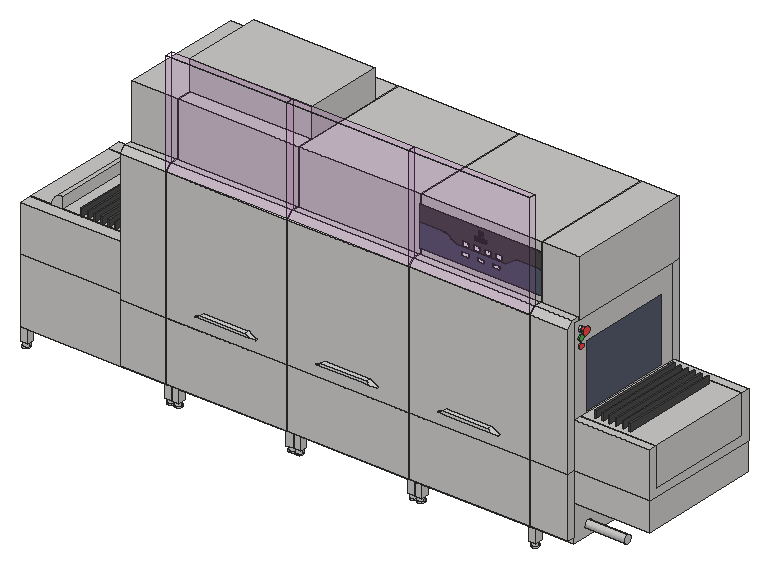
Revit family "QF_ELECTROLUXPROFESSIONAL_520703_EFTD052EL1U1D1M5L385", category Attrezzature speciali, Revit 2020
Family settings
  Quota connettore circolare = Usa diametro
  Tipo di parte = Normale
  Basato su piano di lavoro = No
  Sempre verticale = Sì
  Taglio con vuoti quando caricato = No
  Condiviso = No
  Punto di calcolo locali = No
Parameters (values of type "Standard")
  Weight = 865.00 kg
  Watts = 46500 W
  Volts = 380 V
  URL Manufacturer = "https://www.electroluxprofessional.com/"
  URL = "https://www.electroluxprofessional.com/"
  Steam Supply Size = 0 mm
  Steam Supply Minimum Pressure = 0.0 Pa
  Steam Supply Maximum Pressure = 0.0 Pa
  Steam Consumption per Hour = 0
  Show Logo [instance] = yes
  Show Clearance [instance] = yes
  Refrigeration Suction Line Size = 0 mm
  Refrigeration Liquid Line Size = 0 mm
  Refrigerant Compressor Remote = yes
  Prospetto di default = 0 mm
  Produttore = "Electrolux Professional"
  Phase = 3
  Modello = "EFTD052EL1U1D1M5L385"
  Length Actual = 4150 mm  # constant formula
  Item Number = "520703"
  Hot Water Size = 0 mm
  Height Actual = 1983 mm  # constant formula
  HP = "62.4 HP"
  Gas Size = 0 mm
  Gas KW = 0
  Gas Input Pressure = 0 W
  Direct Waste Size = 50.8 mm
  Descrizione = "FT, 1Tank, 5200D/H, El., 750mm loading, 1000mm unloading, 1Dryer, 55mm conveyor,L>R,380V50Hz3P"
  Depth Actual = 946 mm  # constant formula
  Cycle = 50 Hz
  Condensate Return Size = 0 mm
  Compressed Air Volume = 0.0 L/s
  Compressed Air Size = 0 mm
  Compressed Air Pressure = 0.0 Pa
  Cold Water Size = 0 mm
  Accessory = yes
Reference planes
  plane 1 "Centro (Fronte/Retro)": y = 0
  plane 2: z = 0
  plane 3 "Centro (Sinistra/Destra)": x = 0
  plane 4: z = 115
Forms (mm)
  Extrusion 1, solid, material "QF_Finishes_Stainless Steel"
    sketch origin (2282.404, 2, 1806.023) x (1, 0, 0) y (0, 0, 1)
      loop
        line (407.596, -163.023) -> (407.596, -183.023) -> (427.596, -183.023) -> (427.596, -163.023) -> (407.596, -163.023)
    from 0 to 2
  Extrusion 2, solid, material "QF_Finishes_Stainless Steel"
    sketch origin (-5.617, 22.464, 1290.159) x (0, 0, -1) y (0, 1, 0)
      loop
        circle (1102.159, -772.464) r 25
    from -9.383 to 5.617
  Extrusion 3, solid, material "QF_Finishes_Stainless Steel"
    sketch origin (2942.404, 2, 337.984) x (1, 0, 0) y (0, 0, 1)
      loop
        line (407.596, -163.023) -> (407.596, -183.023) -> (427.596, -183.023) -> (427.596, -163.023) -> (407.596, -163.023)
    from 0 to 2
  Extrusion 4, solid, material "QF_Finishes_Stainless Steel"
    sketch origin (347.841, 200.464, 109.383) x (1, 0, 0) y (0, 1, 0)
      loop
        circle (1102.159, -772.464) r 10
    from -9.383 to 5.617
  Extrusion 5, solid, material "QF_Finishes_Stainless Steel"
    sketch origin (418.841, 200.464, 109.383) x (1, 0, 0) y (0, 1, 0)
      loop
        circle (1102.159, -772.464) r 10
    from -9.383 to 5.617
  Extrusion 6, solid, material "QF_Finishes_Stainless Steel"
    sketch origin (3905.617, -1522.464, 1290.159) x (0, 0, -1) y (0, -1, 0)
      loop
        circle (1102.159, -772.464) r 25
    from -9.383 to 255.617
Dimensions and locks
  plane 4 to level = 115 mm
  aligned and locked: level to plane 2
Nested families
  nested 1: "MODULO_CENTER_800_FAN" at (1383.563, -388.258, 0), Show Clearance <- "Show Clearance", type "MODULO_CENTER_800_FAN"
    with Show Logo yes, Show Clearance yes, R_L no, L_R yes
  nested 2: "MODULO_CENTER_800" at (2983.563, -388.258, 0), Show Clearance <- "Show Clearance", type "MODULO_CENTER_800"
    with Show Logo yes, Show Clearance yes, R_L no, L_R yes
  nested 3: "MODULO_ENTRY_DISH_750" at (3791.437, -523.742, 0) x (-1, 0, 0) z (0, 0, 1), type "MODULO_ENTRY_DISH_750"
    with Show Logo yes, Show Clearance yes, R_L yes, L_R no
  nested 4: "MODULO_USCITA_DISH_1000" at (641.437, -523.742, 0) x (-1, 0, 0) z (0, 0, 1), type "MODULO_USCITA_DISH_1000"
    with Show Logo yes, Show Clearance yes, R_L no, L_R yes
  nested 5: "Piedino_Square_115H" at (23.5, -838.5, 0), type "Piedino_Square_115H"
  nested 6: "Piedino_Square_115H" at (23.5, -73.5, 0), type "Piedino_Square_115H"
  nested 7: "Piedino_Square_115H" at (976.5, -838.5, 0), type "Piedino_Square_115H"
  nested 8: "Piedino_Square_115H" at (976.5, -73.5, 0), type "Piedino_Square_115H"
  nested 9: "Piedino_Square_115H" at (1023.5, -838.5, 0), type "Piedino_Square_115H"
  nested 10: "Piedino_Square_115H" at (1023.5, -73.5, 0), type "Piedino_Square_115H"
  nested 11: "Piedino_Square_115H" at (1776.5, -838.5, 0), type "Piedino_Square_115H"
  nested 12: "Piedino_Square_115H" at (1776.5, -73.5, 0), type "Piedino_Square_115H"
  nested 13: "Piedino_Square_115H" at (1823.5, -838.5, 0) x (-1, 0, 0) z (0, 0, 1), type "Piedino_Square_115H"
  nested 14: "Piedino_Square_115H" at (1823.5, -73.5, 0) x (-1, 0, 0) z (0, 0, 1), type "Piedino_Square_115H"
  nested 15: "Piedino_Square_115H" at (2576.5, -838.5, 0) x (-1, 0, 0) z (0, 0, 1), type "Piedino_Square_115H"
  nested 16: "Piedino_Square_115H" at (2576.5, -73.5, 0) x (-1, 0, 0) z (0, 0, 1), type "Piedino_Square_115H"
  nested 17: "Piedino_Square_115H" at (2623.5, -838.5, 0), type "Piedino_Square_115H"
  nested 18: "Piedino_Square_115H" at (2623.5, -73.5, 0), type "Piedino_Square_115H"
  nested 19: "Piedino_Square_115H" at (3376.5, -838.5, 0), type "Piedino_Square_115H"
  nested 20: "Piedino_Square_115H" at (3376.5, -73.5, 0), type "Piedino_Square_115H"
  nested 21: "MANIGLIA_FLIGHT_400" at (3000, -912, 639.28) x (1, 0, 0) z (0, -1, 0), type "MANIGLIA_FLIGHT_400"
  nested 22: "MANIGLIA_FLIGHT_400" at (2200, -912, 639.28) x (1, 0, 0) z (0, -1, 0), type "MANIGLIA_FLIGHT_400"
  nested 23: "MANIGLIA_FLIGHT_400" at (1400, -912, 639.28) x (1, 0, 0) z (0, -1, 0), type "MANIGLIA_FLIGHT_400"
  nested 24: "Schermo_Flight_800" at (3000, -815, 1583) x (1, 0, 0) z (0, -1, 0), type "Schermo_Flight_800"
  nested 25: "ELX_LOGO_WORDS_WHITE" at (3000, -816.6, 1663) x (1, 0, 0) z (0, -1, 0), Show Logo <- "Show Logo", visible <- "Show Logo", type "ELX_LOGO_WORDS_WHITE"
    with Show Logo yes
  nested 26: "ELX_LOGO_MONO_SMALL_WHITE" at (2990.08, -816.6, 1649) x (-1, 0, 0) z (0, -1, 0), Show Logo <- "Show Logo", visible <- "Show Logo", type "ELX_LOGO_MONO_SMALL_WHITE"
    with Show Logo yes
  nested 27: "MODULO_CENTER_800" at (2216.437, -388.258, 0) x (-1, 0, 0) z (0, 0, 1), Show Clearance <- "Show Clearance", type "MODULO_CENTER_800"
    with Show Logo yes, Show Clearance yes, R_L no, L_R yes
Connectors
  electrical at (2700, 2, 1633)
    settings: on Extrusion 1, index 69, voltage 0 V, apparent load 0 VA, apparent load phase1 0 VA, apparent load phase2 0 VA, apparent load phase3 0 VA, power factor 1, load classification "Altro", number of poles 1, system type 30, power factor state 1, is connector primary yes, connector utility no, sub classification motor no, connector description "EI"
  piping at (-15, -750, 188), diameter 50
    settings: on Extrusion 2, index 70, connector inside diameter 609.6 mm, connector length 0 mm, flow factor 0, pipe flow 0.0 L/s, pressure drop 0.0 Pa, fitting loss kfactor 0, connector angle 0.00°, fixture units 0, engagement length 0 mm, angle of deflection 0.00°, flow configuration 0, flow direction 0, fitting loss method 0, system type 29, joint type 0, gender type 0, connector reference index -1, connector utility 0, adjustable connector no, is connector primary yes, connector description "D"
  electrical at (3360, 2, 164.961)
    settings: on Extrusion 3, index 71, voltage 0 V, apparent load 0 VA, apparent load phase1 0 VA, apparent load phase2 0 VA, apparent load phase3 0 VA, power factor 1, load classification "Altro", number of poles 1, system type 30, power factor state 1, is connector primary no, connector utility no, sub classification motor no, connector description "EQ"
  piping at (1450, -572, 100), diameter 19.1
    settings: on Extrusion 4, index 72, connector inside diameter 609.6 mm, connector length 0 mm, flow factor 0, pipe flow 0.0 L/s, pressure drop 0.0 Pa, fitting loss kfactor 0, connector angle 0.00°, fixture units 0, engagement length 0 mm, angle of deflection 0.00°, flow configuration 0, flow direction 0, fitting loss method 0, system type 29, joint type 0, gender type 0, connector reference index -1, connector utility 0, adjustable connector no, is connector primary no, connector description "HWI/CWI"
  piping at (1521, -572, 100), diameter 19.1
    settings: on Extrusion 5, index 73, connector inside diameter 609.6 mm, connector length 0 mm, flow factor 0, pipe flow 0.0 L/s, pressure drop 0.0 Pa, fitting loss kfactor 0, connector angle 0.00°, fixture units 0, engagement length 0 mm, angle of deflection 0.00°, flow configuration 0, flow direction 0, fitting loss method 0, system type 29, joint type 0, gender type 0, connector reference index -1, connector utility 0, adjustable connector no, is connector primary no, connector description "HWI/CWI"
  piping at (3915, -750, 188), diameter 50
    settings: on Extrusion 6, index 74, connector inside diameter 609.6 mm, connector length 0 mm, flow factor 0, pipe flow 0.0 L/s, pressure drop 0.0 Pa, fitting loss kfactor 0, connector angle 0.00°, fixture units 0, engagement length 0 mm, angle of deflection 0.00°, flow configuration 0, flow direction 0, fitting loss method 0, system type 29, joint type 0, gender type 0, connector reference index -1, connector utility 0, adjustable connector no, is connector primary no, connector description ""
Definition of nested family "MODULO_CENTER_800_FAN"
  Parameters (values of type "MODULO_CENTER_800_FAN")
    URL = "http://professional.electrolux.com"
    Show Logo [instance] = yes
    R_L [instance] = not(L_R)  # no
    Default Elevation = 0 mm
    Manufacturer = "Electrolux"
    Model = "ESR10E5"
    Length Actual = 800 mm
    Show Clearance [instance] = yes
    L_R [instance] = yes
    Height Actual = 1792 mm
    Description = "SINGLE RINSE RT, 100R/H, ELECTRIC 50HZ"
    Depth Actual = 912 mm
  Reference planes
    plane 1 "Center X": y = -67.742
    plane 2: z = 0
    plane 3 "LEFT": x = -383.563
    plane 4 "RIGHT": x = 416.437
    plane 5 "BACK": y = 388.258
    plane 6 "FEET": z = 115
    plane 7: z = 2092
    plane 8 "TOP": z = 1792
    plane 9 "FRONT": y = -523.742
    plane 10 "Left/Right": x = 16.437
    plane 11 "TopVent": z = 1983
  Forms (mm)
    Extrusion 1, solid
      sketch origin (416.437, 479.936, 4000) x (0, 1, 0) y (0, 0, 1)
        loop
          line (-91.678, -2208) -> (-906.678, -2208) -> (-906.678, -2580) -> (-91.678, -2580) -> (-91.678, -2208)
      from -800 to 0
    Extrusion 2, solid
      sketch origin (-383.563, 437.565, 3910) x (0, 1, 0) y (0, 0, 1)
        loop
          line (-99.307, -2490) -> (-911.307, -2490) -> (-911.307, -3552) -> (-99.307, -3552) -> (-99.307, -2490)
      from 800 to 0
    Extrusion 3, solid
      sketch origin (416.437, 479.936, 4299) x (0, 1, 0) y (0, 0, 1)
        loop
          line (-278.21, -2316) -> (-803.678, -2316) -> (-803.678, -2507) -> (-278.21, -2507) -> (-278.21, -2316)
      from -800 to 0
    Extrusion 4, solid
      sketch origin (16.437, 0, 1.5) x (0, 0, 1) y (0, -1, 0)
        loop
          line (356.5, -338.258) -> (356.5, 473.742) -> (113.5, 473.742) -> (113.5, -338.258) -> (356.5, -338.258)
      from 400 to -400
    Extrusion 5, solid
      sketch origin (16.437, 0, 0) x (0, 0, 1) y (0, -1, 0)
        loop
          line (1420, -338.258) -> (545, -338.258) -> (545, -388.258) -> (1420, -388.258) -> (1420, -338.258)
      from -400 to 400
    Extrusion 6, solid
      sketch origin (16.437, 0, 0) x (0, 0, 1) y (0, -1, 0)
        loop
          line (545, -388.258) -> (545, -338.258) -> (154, -338.258) -> (154, -388.258) -> (545, -388.258)
      from -400 to 400
    Extrusion 7, solid
      sketch origin (16.437, -882.484, -150) x (0, -1, 0) y (0, 0, 1)
        loop
          line (-358.742, 304) -> (-358.742, 695) -> (-408.742, 695) -> (-408.742, 304) -> (-358.742, 304)
      from -400 to 400
    Extrusion 8, solid
      sketch origin (16.437, -882.484, -151) x (0, -1, 0) y (0, 0, 1)
        loop
          line (-408.742, 1571) -> (-408.742, 696) -> (-358.742, 696) -> (-358.742, 1556) -> (-395.742, 1593) -> (-443.742, 1593) -> (-443.742, 1571) -> (-408.742, 1571)
      from -400 to 400
    Extrusion 9, solid, visible <- "Show Clearance"
      sketch origin (16.437, -882.484, 452) x (0, -1, 0) y (0, 0, 1)
        loop
          line (-408.742, 1640) -> (-408.742, 953.624) -> (-358.742, 953.624) -> (-358.742, 1640) -> (-408.742, 1640)
      from -400 to 400
  Dimensions and locks
    plane 3 "LEFT" to plane 4 "RIGHT" = 800 mm
    plane 5 "BACK" to plane 1 "Center X" to plane 9 "FRONT" = 456 mm, 456 mm
    plane 6 "FEET" to level = 115 mm  (x2)
    plane 6 "FEET" to plane 8 "TOP" = 1677 mm
    plane 5 "BACK" to plane 9 "FRONT" = 912 mm  (x2)
    plane 4 "RIGHT" to plane 3 "LEFT" = 800 mm
    plane 9 "FRONT" to plane 5 "BACK" = 912 mm
    level to plane 8 "TOP" = 1792 mm  (x2)
    plane 7 to level = 2092 mm
    plane 11 "TopVent" to plane 2 = 1983 mm
    plane 7 to plane 2 = 2092 mm
    Extrusion 2 to level = 1420 mm
    Extrusion 8 to level = 1442 mm
    plane 11 "TopVent" to level = 1983 mm
    aligned and locked: level to plane 2
Definition of nested family "MODULO_CENTER_800"
  Parameters (values of type "MODULO_CENTER_800")
    URL = "http://professional.electrolux.com"
    Show Logo [instance] = yes
    R_L [instance] = not(L_R)  # no
    Default Elevation = 0 mm
    Manufacturer = "Electrolux"
    Model = "ESR10E5"
    Length Actual = 800 mm
    Show Clearance [instance] = yes
    L_R [instance] = yes
    Height Actual = 1792 mm
    Description = "SINGLE RINSE RT, 100R/H, ELECTRIC 50HZ"
    Depth Actual = 912 mm
  Reference planes
    plane 1 "Center X": y = -67.742
    plane 2: z = 0
    plane 3 "LEFT": x = -383.563
    plane 4 "RIGHT": x = 416.437
    plane 5 "BACK": y = 388.258
    plane 6 "FEET": z = 115
    plane 7: z = 2092
    plane 8 "TOP": z = 1792
    plane 9 "FRONT": y = -523.742
    plane 10 "Left/Right": x = 16.437
  Forms (mm)
    Extrusion 1, solid
      sketch origin (416.437, 479.936, 4000) x (0, 1, 0) y (0, 0, 1)
        loop
          line (-91.678, -2208) -> (-906.678, -2208) -> (-906.678, -2580) -> (-91.678, -2580) -> (-91.678, -2208)
      from -800 to 0
    Extrusion 2, solid
      sketch origin (-383.563, 437.565, 3915) x (0, 1, 0) y (0, 0, 1)
        loop
          line (-99.307, -2495) -> (-911.307, -2495) -> (-911.307, -3557) -> (-99.307, -3557) -> (-99.307, -2495)
      from 800 to 0
    Extrusion 3, solid
      sketch origin (16.437, 0, 1.5) x (0, 0, 1) y (0, -1, 0)
        loop
          line (356.5, -338.258) -> (356.5, 473.742) -> (113.5, 473.742) -> (113.5, -338.258) -> (356.5, -338.258)
      from 400 to -400
    Extrusion 4, solid
      sketch origin (16.437, 0, 0) x (0, 0, 1) y (0, -1, 0)
        loop
          line (1420, -338.258) -> (545, -338.258) -> (545, -388.258) -> (1420, -388.258) -> (1420, -338.258)
      from -400 to 400
    Extrusion 5, solid
      sketch origin (16.437, 0, 0) x (0, 0, 1) y (0, -1, 0)
        loop
          line (545, -388.258) -> (545, -338.258) -> (154, -338.258) -> (154, -388.258) -> (545, -388.258)
      from -400 to 400
    Extrusion 6, solid
      sketch origin (16.437, -882.484, -150) x (0, -1, 0) y (0, 0, 1)
        loop
          line (-358.742, 304) -> (-358.742, 695) -> (-408.742, 695) -> (-408.742, 304) -> (-358.742, 304)
      from -400 to 400
    Extrusion 7, solid
      sketch origin (16.437, -882.484, -151) x (0, -1, 0) y (0, 0, 1)
        loop
          line (-408.742, 1571) -> (-408.742, 696) -> (-358.742, 696) -> (-358.742, 1556) -> (-395.742, 1593) -> (-443.742, 1593) -> (-443.742, 1571) -> (-408.742, 1571)
      from -400 to 400
    Extrusion 8, solid, visible <- "Show Clearance"
      sketch origin (16.437, -882.484, 452) x (0, -1, 0) y (0, 0, 1)
        loop
          line (-408.742, 1640) -> (-408.742, 953.624) -> (-358.742, 953.624) -> (-358.742, 1640) -> (-408.742, 1640)
      from -400 to 400
  Dimensions and locks
    plane 3 "LEFT" to plane 4 "RIGHT" = 800 mm
    plane 5 "BACK" to plane 1 "Center X" to plane 9 "FRONT" = 456 mm, 456 mm
    plane 6 "FEET" to level = 115 mm  (x2)
    plane 6 "FEET" to plane 8 "TOP" = 1677 mm
    plane 5 "BACK" to plane 9 "FRONT" = 912 mm  (x2)
    plane 4 "RIGHT" to plane 3 "LEFT" = 800 mm
    plane 9 "FRONT" to plane 5 "BACK" = 912 mm
    level to plane 8 "TOP" = 1792 mm  (x2)
    plane 7 to level = 2092 mm
    plane 7 to plane 2 = 2092 mm
    Extrusion 2 to level = 1420 mm
    Extrusion 7 to level = 1442 mm
    aligned and locked: level to plane 2
Definition of nested family "MODULO_ENTRY_DISH_750"
  Parameters (values of type "MODULO_ENTRY_DISH_750")
    URL = "http://professional.electrolux.com"
    Show Logo [instance] = yes
    R_L [instance] = not(L_R)  # no
    Default Elevation = 0 mm
    Manufacturer = "Electrolux"
    Model = "ESR10E5"
    Length Actual = 800 mm
    Show Clearance [instance] = yes
    L_R [instance] = yes
    Height Actual = 1792 mm
    Description = "SINGLE RINSE RT, 100R/H, ELECTRIC 50HZ"
    Depth Actual = 912 mm
  Reference planes
    plane 1 "Center (Front/Back)": y = -67.742
    plane 2: z = 0
    plane 3 "LEFT": x = -358.563
    plane 4 "RIGHT": x = 391.437
    plane 5 "BACK": y = 388.258
    plane 6 "FRONT": y = -523.742
    plane 7 "Left/Right": x = 16.437
    plane 8 "BUTTONS": y = -427.742
    plane 9: z = 115
    plane 10 "2": y = 292.258
  Forms (mm)
    Extrusion 1, solid, visible <- "L_R"
      sketch origin (391.437, 479.936, 4000) x (0, 1, 0) y (0, 0, 1)
        loop
          line (-91.678, -2208) -> (-906.678, -2208) -> (-906.678, -2580) -> (-91.678, -2580) -> (-91.678, -2208)
      from -250 to 0
    Extrusion 2, solid
      sketch origin (-358.563, 437.565, 3910) x (0, 1, 0) y (0, 0, 1)
        loop
          line (-99.307, -2490) -> (-911.307, -2490) -> (-911.307, -3552) -> (-99.307, -3552) -> (-99.307, -2490)
      from 750 to 500
    Extrusion 3, solid
      sketch origin (-358.563, 437.565, 3910) x (0, 1, 0) y (0, 0, 1)
        loop
          line (-99.307, -3365) -> (-99.307, -3060) -> (-149.307, -3060) -> (-149.307, -3315) -> (-861.307, -3315) -> (-861.307, -3060) -> (-911.307, -3060) -> (-911.307, -3365) -> (-99.307, -3365)
      from 500 to 0
    Extrusion 4, solid
      sketch origin (16.437, 0, -4.987) x (0, 0, 1) y (0, -1, 0)
        loop
          line (362.987, -338.258) -> (362.987, 473.742) -> (119.987, 473.742) -> (119.987, -338.258) -> (362.987, -338.258)
      from 375 to 125
    Extrusion 5, solid, visible <- "L_R"
      sketch origin (16.437, 0, 0) x (0, 0, 1) y (0, -1, 0)
        loop
          line (1420, -338.258) -> (545, -338.258) -> (545, -388.258) -> (1420, -388.258) -> (1420, -338.258)
      from 125 to 375
    Extrusion 6, solid
      sketch origin (16.437, 0, 0) x (0, 0, 1) y (0, -1, 0)
        loop
          line (545, -388.258) -> (545, -338.258) -> (154, -338.258) -> (154, -388.258) -> (545, -388.258)
      from 125 to 375
    Extrusion 7, solid
      sketch origin (-358.563, 437.565, 3607.258) x (0, 1, 0) y (0, 0, 1)
        loop
          line (-99.307, -3249.258) -> (-99.307, -3062.258) -> (-911.307, -3062.258) -> (-911.307, -3249.258) -> (-99.307, -3249.258)
      from 500 to 0
    Extrusion 8, solid
      sketch origin (-358.563, 437.565, 4000) x (0, 1, 0) y (0, 0, 1)
        loop
          line (-149.307, -3150) -> (-861.307, -3150) -> (-861.307, -3405) -> (-149.307, -3405) -> (-149.307, -3150)
      from 0 to 500
    Extrusion 9, solid
      sketch origin (266.437, -882.484, -150) x (0, -1, 0) y (0, 0, 1)
        loop
          line (-358.742, 304) -> (-358.742, 695) -> (-408.742, 695) -> (-408.742, 304) -> (-358.742, 304)
      from -125 to 125
    Extrusion 10, solid, visible <- "L_R"
      sketch origin (266.437, -882.484, -151) x (0, -1, 0) y (0, 0, 1)
        loop
          line (-408.742, 1571) -> (-408.742, 696) -> (-358.742, 696) -> (-358.742, 1556) -> (-395.742, 1593) -> (-443.742, 1593) -> (-443.742, 1571) -> (-408.742, 1571)
      from -125 to 125
    Extrusion 11, solid
      sketch origin (-358.563, 437.565, 4000) x (0, 1, 0) y (0, 0, 1)
        loop
          line (-199.307, -2725.701) -> (-811.307, -2725.701) -> (-811.307, -3137.701) -> (-199.307, -3137.701) -> (-199.307, -2725.701)
      from 495.458 to 500
    Extrusion 12, solid, visible <- "R_L"
      sketch origin (266.437, 747, -151) x (0, 1, 0) y (0, 0, -1)
        loop
          line (-408.742, -1571) -> (-443.742, -1571) -> (-443.742, -1593) -> (-395.742, -1593) -> (-358.742, -1556) -> (-358.742, -696) -> (-408.742, -696) -> (-408.742, -1571)
      from -125 to 125
    Extrusion 13, solid, visible <- "R_L"
      sketch origin (16.437, -135.484, 0) x (0, 0, 1) y (0, -1, 0)
        loop
          line (1420, 338.258) -> (1420, 388.258) -> (545, 388.258) -> (545, 338.258) -> (1420, 338.258)
      from 125 to 375
    Extrusion 14, solid, visible <- "R_L"
      sketch origin (391.437, -615.42, 4000) x (0, -1, 0) y (0, 0, -1)
        loop
          line (-91.678, 2208) -> (-91.678, 2580) -> (-906.678, 2580) -> (-906.678, 2208) -> (-91.678, 2208)
      from -250 to 0
    Extrusion 15, solid
      sketch origin (-191.477, -192.742, -3) x (-1, 0, 0) y (0, 0, 1)
        loop
          line (-26.676, 853) -> (-26.676, 898) -> (-36.676, 898) -> (-36.676, 853) -> (-26.676, 853)
      from -196 to 446
    Extrusion 16, solid
      sketch origin (-146.477, -192.742, -3) x (-1, 0, 0) y (0, 0, 1)
        loop
          line (-26.676, 853) -> (-26.676, 898) -> (-36.676, 898) -> (-36.676, 853) -> (-26.676, 853)
      from -196 to 446
    Extrusion 17, solid
      sketch origin (-101.477, -192.742, -3) x (-1, 0, 0) y (0, 0, 1)
        loop
          line (-26.676, 853) -> (-26.676, 898) -> (-36.676, 898) -> (-36.676, 853) -> (-26.676, 853)
      from -196 to 446
    Extrusion 18, solid
      sketch origin (-56.477, -192.742, -3) x (-1, 0, 0) y (0, 0, 1)
        loop
          line (-26.676, 853) -> (-26.676, 898) -> (-36.676, 898) -> (-36.676, 853) -> (-26.676, 853)
      from -196 to 446
    Extrusion 19, solid
      sketch origin (-11.477, -192.742, -3) x (-1, 0, 0) y (0, 0, 1)
        loop
          line (-26.676, 853) -> (-26.676, 898) -> (-36.676, 898) -> (-36.676, 853) -> (-26.676, 853)
      from -196 to 446
    Extrusion 20, solid
      sketch origin (33.523, -192.742, -3) x (-1, 0, 0) y (0, 0, 1)
        loop
          line (-26.676, 853) -> (-26.676, 898) -> (-36.676, 898) -> (-36.676, 853) -> (-26.676, 853)
      from -196 to 446
  Dimensions and locks
    plane 3 "LEFT" to plane 4 "RIGHT" = 750 mm
    plane 5 "BACK" to plane 1 "Center (Front/Back)" to plane 6 "FRONT" = 456 mm, 456 mm
    plane 5 "BACK" to plane 6 "FRONT" = 912 mm  (x2)
    plane 4 "RIGHT" to plane 3 "LEFT" = 750 mm  (x2)
    plane 6 "FRONT" to plane 5 "BACK" = 912 mm
    plane 9 to level = 115 mm
    Extrusion 1 to level = 1792 mm
    Extrusion 3 to level = 850 mm
    aligned and locked: level to plane 2
  Nested families
    nested 1: "BOTTONE_RED_STOP" at (141.437, -427.742, 1266.906) x (0, -1, 0) z (-1, 0, 0), visible <- "L_R", type "BOTTONE_RED_STOP"
    nested 2: "BOTTONE_EMERGENCY_STOP" at (141.437, -427.742, 1370) x (0, -1, 0) z (-1, 0, 0), visible <- "L_R", type "BOTTONE_EMERGENCY_STOP"
    nested 3: "BOTTONE_GREEN_START" at (141.437, -427.742, 1316.906) x (0, -1, 0) z (-1, 0, 0), visible <- "L_R", type "BOTTONE_GREEN_START"
    nested 4: "BOTTONE_RED_STOP" at (141.437, 292.258, 1267.906) x (0, 1, 0) z (-1, 0, 0), visible <- "R_L", type "BOTTONE_RED_STOP"
    nested 5: "BOTTONE_EMERGENCY_STOP" at (141.437, 292.258, 1371) x (0, 1, 0) z (-1, 0, 0), visible <- "R_L", type "BOTTONE_EMERGENCY_STOP"
    nested 6: "BOTTONE_GREEN_START" at (141.437, 292.258, 1317.906) x (0, 1, 0) z (-1, 0, 0), visible <- "R_L", type "BOTTONE_GREEN_START"
  Definition of nested family "BOTTONE_RED_STOP"
    Parameters (values of type "BOTTONE_RED_STOP")
      Default Elevation = 1219.2 mm
    Reference planes
      plane 1 "Centro (Fronte/Retro)": y = 0
      plane 2: z = 0
      plane 3 "Centro (Sinistra/Destra)": x = 0
    Forms (mm)
      Extrusion 1, solid
        sketch origin (0, 0, 0) x (1, 0, 0) y (0, 1, 0)
          loop
            line (-1219.2, 1219.2) -> (-1219.2, -1219.2) -> (1219.2, -1219.2) -> (1219.2, 1219.2) -> (-1219.2, 1219.2)
        from 0 to -304.8
      Extrusion 2, solid
        sketch origin (-367.513, 69.533, 15) x (-1, 0, 0) y (0, 1, 0)
          loop
            circle (-367.513, -69.533) r 15
        from 0 to 15
    Dimensions and locks
      aligned and locked: plane 2 to Extrusion 1
      aligned and locked: level to Extrusion 1
  Definition of nested family "BOTTONE_EMERGENCY_STOP"
    Parameters
      Default Elevation = 1219.2 mm
    Reference planes
      plane 1 "Centro (Fronte/Retro)": y = 0
      plane 2: z = 0
      plane 3 "Centro (Sinistra/Destra)": x = 0
    Forms (mm)
      Extrusion 1, solid
        sketch origin (0, 0, 0) x (1, 0, 0) y (0, 1, 0)
          loop
            line (-1219.2, 1219.2) -> (-1219.2, -1219.2) -> (1219.2, -1219.2) -> (1219.2, 1219.2) -> (-1219.2, 1219.2)
        from 0 to -304.8
      Extrusion 2, solid
        sketch origin (0, 0, 0) x (1, 0, 0) y (0, 1, 0)
          loop
            circle (0, 0) r 15
        from 0 to 20.273
      Blend 3, solid
        base sketch origin (-49.801, 0, 0) x (1, 0, 0) y (0, 1, 0)
          loop
            circle (49.801, 0) r 15
        top sketch origin (-49.801, 0, 0) x (1, 0, 0) y (0, 1, 0)
          loop
            circle (49.801, 0) r 25
        from 20.273 to 47.605
    Dimensions and locks
      aligned and locked: plane 2 to Extrusion 1
      aligned and locked: level to Extrusion 1
  Definition of nested family "BOTTONE_GREEN_START"
    Parameters (values of type "BOTTONE_GREEN_START")
      Default Elevation = 1219.2 mm
    Reference planes
      plane 1 "Centro (Fronte/Retro)": y = 0
      plane 2: z = 0
      plane 3 "Centro (Sinistra/Destra)": x = 0
    Forms (mm)
      Extrusion 1, solid
        sketch origin (0, 0, 0) x (1, 0, 0) y (0, 1, 0)
          loop
            line (-1219.2, 1219.2) -> (-1219.2, -1219.2) -> (1219.2, -1219.2) -> (1219.2, 1219.2) -> (-1219.2, 1219.2)
        from 0 to -304.8
      Extrusion 2, solid
        sketch origin (-367.513, 69.533, 15) x (-1, 0, 0) y (0, 1, 0)
          loop
            circle (-367.513, -69.533) r 15
        from 0 to 15
    Dimensions and locks
      aligned and locked: plane 2 to Extrusion 1
      aligned and locked: level to Extrusion 1
Definition of nested family "MODULO_USCITA_DISH_1000"
  Parameters (values of type "MODULO_USCITA_DISH_1000")
    URL = "http://professional.electrolux.com"
    Show Logo [instance] = yes
    R_L [instance] = not(L_R)  # yes
    Default Elevation = 0 mm
    Manufacturer = "Electrolux"
    Model = "ESR10E5"
    Length Actual = 800 mm
    Show Clearance [instance] = yes
    L_R [instance] = no
    Height Actual = 1792 mm
    Description = "SINGLE RINSE RT, 100R/H, ELECTRIC 50HZ"
    Depth Actual = 912 mm
  Reference planes
    plane 1 "Center (Front/Back)": y = -67.742
    plane 2: z = 0
    plane 3 "LEFT": x = -358.563
    plane 4 "BACK": y = 388.258
    plane 5 "FEET": z = 115
    plane 6 "TOP": z = 1792
    plane 7 "FRONT": y = -523.742
    plane 8 "Left/Right": x = 16.437
    plane 9: x = -358.563
    plane 10: y = -427.742
    plane 11 "RIGHT": x = 641.437
  Forms (mm)
    Extrusion 1, solid, visible <- "R_L"
      sketch origin (-358.563, 479.936, 4003) x (0, 1, 0) y (0, 0, -1)
        loop
          line (-91.678, 2211) -> (-91.678, 2583) -> (-906.678, 2583) -> (-906.678, 2211) -> (-91.678, 2211)
      from -300 to 0
    Extrusion 2, solid
      sketch origin (-358.563, 437.565, 4003) x (0, 1, 0) y (0, 0, 1)
        loop
          line (-99.307, -3458) -> (-911.307, -3458) -> (-911.307, -3888) -> (-99.307, -3888) -> (-99.307, -3458)
      from 300 to 0
    Extrusion 3, solid
      sketch origin (-358.563, 479.936, 4003) x (0, 1, 0) y (0, 0, -1)
        loop
          line (-141.678, 2583) -> (-141.678, 3458) -> (-953.678, 3458) -> (-953.678, 2583) -> (-141.678, 2583)
      from -300 to 0
    Extrusion 4, solid
      sketch origin (391.437, 437.565, 3913) x (0, 1, 0) y (0, 0, -1)
        loop
          line (-99.307, 3368) -> (-911.307, 3368) -> (-911.307, 3063) -> (-826.307, 3063) -> (-826.307, 3318) -> (-184.307, 3318) -> (-184.307, 3063) -> (-99.307, 3063) -> (-99.307, 3368)
      from 450 to -250
    Extrusion 5, solid, visible <- "R_L"
      sketch origin (16.437, 0, 3) x (0, 0, 1) y (0, 1, 0)
        loop
          line (1417, 338.258) -> (1417, 388.258) -> (542, 388.258) -> (542, 338.258) -> (1417, 338.258)
      from 75 to 375
    Extrusion 6, solid
      sketch origin (16.437, 0, 3) x (0, 0, 1) y (0, 1, 0)
        loop
          line (542, 388.258) -> (151, 388.258) -> (151, 338.258) -> (542, 338.258) -> (542, 388.258)
      from 75 to 375
    Extrusion 7, solid
      sketch origin (391.437, 437.565, 3610.258) x (0, 1, 0) y (0, 0, -1)
        loop
          line (-99.307, 3495.258) -> (-911.307, 3495.258) -> (-911.307, 3065.258) -> (-99.307, 3065.258) -> (-99.307, 3495.258)
      from 450 to -250
    Extrusion 8, solid
      sketch origin (641.437, 0, 3) x (0, 1, 0) y (0, 0, 1)
        loop
          line (253.258, 847) -> (-388.742, 847) -> (-388.742, 592) -> (253.258, 592) -> (253.258, 847)
      from 0 to -700
    Extrusion 9, solid
      sketch origin (-358.563, 437.565, 3928) x (0, 1, 0) y (0, 0, 1)
        loop
          line (-811.307, -3065.701) -> (-199.307, -3065.701) -> (-199.307, -2653.701) -> (-811.307, -2653.701) -> (-811.307, -3065.701)
      from 300 to 304.77
    Extrusion 10, solid
      sketch origin (-208.563, -115, -147) x (0, 1, 0) y (0, 0, 1)
        loop
          line (-358.742, 301) -> (-358.742, 692) -> (-408.742, 692) -> (-408.742, 301) -> (-358.742, 301)
      from -150 to 150
    Extrusion 11, solid, visible <- "R_L"
      sketch origin (-208.563, -882.484, -151) x (0, -1, 0) y (0, 0, 1)
        loop
          line (-408.742, 1571) -> (-408.742, 696) -> (-358.742, 696) -> (-358.742, 1556) -> (-395.742, 1593) -> (-443.742, 1593) -> (-443.742, 1571) -> (-408.742, 1571)
      from -150 to 150
    Extrusion 12, solid
      sketch origin (-39.574, -192.742, -3) x (-1, 0, 0) y (0, 0, 1)
        loop
          line (-26.676, 853) -> (-26.676, 898) -> (-36.676, 898) -> (-36.676, 853) -> (-26.676, 853)
      from -196 to 446
    Extrusion 13, solid
      sketch origin (5.426, -192.742, -3) x (-1, 0, 0) y (0, 0, 1)
        loop
          line (-26.676, 853) -> (-26.676, 898) -> (-36.676, 898) -> (-36.676, 853) -> (-26.676, 853)
      from -196 to 446
    Extrusion 14, solid
      sketch origin (50.426, -192.742, -3) x (-1, 0, 0) y (0, 0, 1)
        loop
          line (-26.676, 853) -> (-26.676, 898) -> (-36.676, 898) -> (-36.676, 853) -> (-26.676, 853)
      from -196 to 446
    Extrusion 15, solid
      sketch origin (95.426, -192.742, -3) x (-1, 0, 0) y (0, 0, 1)
        loop
          line (-26.676, 853) -> (-26.676, 898) -> (-36.676, 898) -> (-36.676, 853) -> (-26.676, 853)
      from -196 to 446
    Extrusion 16, solid
      sketch origin (140.426, -192.742, -3) x (-1, 0, 0) y (0, 0, 1)
        loop
          line (-26.676, 853) -> (-26.676, 898) -> (-36.676, 898) -> (-36.676, 853) -> (-26.676, 853)
      from -196 to 446
    Extrusion 17, solid
      sketch origin (185.426, -192.742, -3) x (-1, 0, 0) y (0, 0, 1)
        loop
          line (-26.676, 853) -> (-26.676, 898) -> (-36.676, 898) -> (-36.676, 853) -> (-26.676, 853)
      from -196 to 446
    Extrusion 18, solid
      sketch origin (230.426, -192.742, -3) x (-1, 0, 0) y (0, 0, 1)
        loop
          line (-26.676, 853) -> (-26.676, 898) -> (-36.676, 898) -> (-36.676, 853) -> (-26.676, 853)
      from -196 to 446
    Extrusion 19, solid
      sketch origin (275.426, -192.742, -3) x (-1, 0, 0) y (0, 0, 1)
        loop
          line (-26.676, 853) -> (-26.676, 898) -> (-36.676, 898) -> (-36.676, 853) -> (-26.676, 853)
      from -196 to 446
    Revolve 20, solid
      sketch origin (0, 0, 850) x (1, 0, 0) y (0, 1, 0)
        loop
          line (430.204, 253.258) -> (430.204, -388.742) -> (502.335, -388.742) -> (502.335, 253.258) -> (430.204, 253.258)
        axis (430.204, 253.258) -> (430.204, -388.742)
      angle from 0 to -90
    Extrusion 21, solid, visible <- "L_R"
      sketch origin (-208.563, 747, -151) x (0, 1, 0) y (0, 0, -1)
        loop
          line (-408.742, -1571) -> (-443.742, -1571) -> (-443.742, -1593) -> (-395.742, -1593) -> (-358.742, -1556) -> (-358.742, -696) -> (-408.742, -696) -> (-408.742, -1571)
      from -150 to 150
    Extrusion 22, solid, visible <- "L_R"
      sketch origin (16.437, -135.484, 3) x (0, 0, 1) y (0, 1, 0)
        loop
          line (1417, -338.258) -> (542, -338.258) -> (542, -388.258) -> (1417, -388.258) -> (1417, -338.258)
      from 75 to 375
    Extrusion 23, solid, visible <- "L_R"
      sketch origin (-358.563, -615.42, 4003) x (0, -1, 0) y (0, 0, 1)
        loop
          line (-91.678, -2211) -> (-906.678, -2211) -> (-906.678, -2583) -> (-91.678, -2583) -> (-91.678, -2211)
      from -300 to 0
  Dimensions and locks
    plane 4 "BACK" to plane 1 "Center (Front/Back)" to plane 7 "FRONT" = 456 mm, 456 mm
    plane 5 "FEET" to level = 115 mm  (x2)
    plane 4 "BACK" to plane 7 "FRONT" = 912 mm  (x2)
    plane 7 "FRONT" to plane 4 "BACK" = 912 mm
    level to plane 6 "TOP" = 1792 mm
    plane 3 "LEFT" to plane 8 "Left/Right" = 375 mm
    plane 8 "Left/Right" to plane 11 "RIGHT" = 625 mm
    plane 3 "LEFT" to plane 11 "RIGHT" = 1000 mm
    plane 9 to plane 11 "RIGHT" = 1000 mm
    plane 6 "TOP" to level = 1792 mm
    aligned and locked: level to plane 2
  Nested families
    nested 1: "BOTTONE_EMERGENCY_STOP" at (-58.563, -427.742, 1369) x (0, -1, 0) z (1, 0, 0), visible <- "R_L", type "BOTTONE_EMERGENCY_STOP"
    nested 2: "BOTTONE_GREEN_START" at (-58.563, -427.742, 1315.906) x (0, -1, 0) z (1, 0, 0), visible <- "R_L", type "BOTTONE_GREEN_START"
    nested 3: "BOTTONE_RED_STOP" at (-58.563, -427.742, 1265.906) x (0, -1, 0) z (1, 0, 0), visible <- "R_L", type "BOTTONE_RED_STOP"
    nested 4: "BOTTONE_EMERGENCY_STOP" at (-58.563, 292.258, 1369) x (0, 1, 0) z (1, 0, 0), visible <- "L_R", type "BOTTONE_EMERGENCY_STOP"
    nested 5: "BOTTONE_GREEN_START" at (-58.563, 292.258, 1315.906) x (0, 1, 0) z (1, 0, 0), visible <- "L_R", type "BOTTONE_GREEN_START"
    nested 6: "BOTTONE_RED_STOP" at (-58.563, 292.258, 1265.906) x (0, 1, 0) z (1, 0, 0), visible <- "L_R", type "BOTTONE_RED_STOP"
  Definition of nested family "BOTTONE_EMERGENCY_STOP"
    Parameters
      Default Elevation = 1219.2 mm
    Reference planes
      plane 1 "Centro (Fronte/Retro)": y = 0
      plane 2: z = 0
      plane 3 "Centro (Sinistra/Destra)": x = 0
    Forms (mm)
      Extrusion 1, solid
        sketch origin (0, 0, 0) x (1, 0, 0) y (0, 1, 0)
          loop
            line (-1219.2, 1219.2) -> (-1219.2, -1219.2) -> (1219.2, -1219.2) -> (1219.2, 1219.2) -> (-1219.2, 1219.2)
        from 0 to -304.8
      Extrusion 2, solid
        sketch origin (0, 0, 0) x (1, 0, 0) y (0, 1, 0)
          loop
            circle (0, 0) r 15
        from 0 to 20.273
      Blend 3, solid
        base sketch origin (-49.801, 0, 0) x (1, 0, 0) y (0, 1, 0)
          loop
            circle (49.801, 0) r 15
        top sketch origin (-49.801, 0, 0) x (1, 0, 0) y (0, 1, 0)
          loop
            circle (49.801, 0) r 25
        from 20.273 to 47.605
    Dimensions and locks
      aligned and locked: plane 2 to Extrusion 1
      aligned and locked: level to Extrusion 1
  Definition of nested family "BOTTONE_GREEN_START"
    Parameters (values of type "BOTTONE_GREEN_START")
      Default Elevation = 1219.2 mm
    Reference planes
      plane 1 "Centro (Fronte/Retro)": y = 0
      plane 2: z = 0
      plane 3 "Centro (Sinistra/Destra)": x = 0
    Forms (mm)
      Extrusion 1, solid
        sketch origin (0, 0, 0) x (1, 0, 0) y (0, 1, 0)
          loop
            line (-1219.2, 1219.2) -> (-1219.2, -1219.2) -> (1219.2, -1219.2) -> (1219.2, 1219.2) -> (-1219.2, 1219.2)
        from 0 to -304.8
      Extrusion 2, solid
        sketch origin (-367.513, 69.533, 15) x (-1, 0, 0) y (0, 1, 0)
          loop
            circle (-367.513, -69.533) r 15
        from 0 to 15
    Dimensions and locks
      aligned and locked: plane 2 to Extrusion 1
      aligned and locked: level to Extrusion 1
  Definition of nested family "BOTTONE_RED_STOP"
    Parameters (values of type "BOTTONE_RED_STOP")
      Default Elevation = 1219.2 mm
    Reference planes
      plane 1 "Centro (Fronte/Retro)": y = 0
      plane 2: z = 0
      plane 3 "Centro (Sinistra/Destra)": x = 0
    Forms (mm)
      Extrusion 1, solid
        sketch origin (0, 0, 0) x (1, 0, 0) y (0, 1, 0)
          loop
            line (-1219.2, 1219.2) -> (-1219.2, -1219.2) -> (1219.2, -1219.2) -> (1219.2, 1219.2) -> (-1219.2, 1219.2)
        from 0 to -304.8
      Extrusion 2, solid
        sketch origin (-367.513, 69.533, 15) x (-1, 0, 0) y (0, 1, 0)
          loop
            circle (-367.513, -69.533) r 15
        from 0 to 15
    Dimensions and locks
      aligned and locked: plane 2 to Extrusion 1
      aligned and locked: level to Extrusion 1
Definition of nested family "Piedino_Square_115H"
  Parameters (values of type "Piedino_Square_115H")
    Default Elevation = 0 mm
  Reference planes
    plane 1 "Centro (Fronte/Retro)": y = 0
    plane 2: z = 0
    plane 3 "Centro (Sinistra/Destra)": x = 0
    plane 4: z = 115
  Forms (mm)
    Extrusion 1, solid
      sketch origin (0, 0, 0) x (1, 0, 0) y (0, 1, 0)
        loop
          circle (0, 0) r 23
      from 0 to 5
    Extrusion 2, solid
      sketch origin (0, 0, 5) x (1, 0, 0) y (0, 1, 0)
        loop
          circle (0, 0) r 20
      from 0 to 25.777
    Extrusion 3, solid
      sketch origin (0, 0, 30.777) x (1, 0, 0) y (0, 1, 0)
        loop
          line (-23.5, 23.5) -> (-23.5, -23.5) -> (23.5, -23.5) -> (23.5, 23.5) -> (-23.5, 23.5)
      from 0 to 84.223
  Dimensions and locks
    plane 4 to level = 115 mm  (x2)
    radius of Extrusion 1 sketch curve = 23 mm
    aligned and locked: level to plane 2
    aligned and locked: Extrusion 1 to level
Definition of nested family "MANIGLIA_FLIGHT_400"
  Parameters
    Default Elevation = 1219.2 mm
  Reference planes
    plane 1 "Centro (Fronte/Retro)": y = 0
    plane 2: z = 0
    plane 3 "Centro (Sinistra/Destra)": x = 0
  Forms (mm)
    Extrusion 1, solid
      sketch origin (0, 0, 0) x (1, 0, 0) y (0, 1, 0)
        loop
          line (-1219.2, 1219.2) -> (-1219.2, -1219.2) -> (1219.2, -1219.2) -> (1219.2, 1219.2) -> (-1219.2, 1219.2)
      from 0 to -304.8
    Extrusion 2, solid
      sketch origin (-503, 656.113, -50) x (-1, 0, 0) y (0, 1, 0)
        loop
          line (-651.038, -638.613) -> (-703, -668.613) -> (-703, -673.613) -> (-658.503, -673.613) -> (-623.862, -653.613) -> (-382.138, -653.613) -> (-347.497, -673.613) -> (-303, -673.613) -> (-303, -668.613) -> (-354.962, -638.613) -> (-651.038, -638.613)
      from -86.258 to -50
    Extrusion 3, void
      sketch origin (0, -681.887, 358.742) x (0, 0, 1) y (0, 1, 0)
        loop
          line (-322.484, 684.387) -> (-353.281, 664.387) -> (-322.484, 664.387) -> (-322.484, 684.387)
      from -200 to 200
  Cuts and joins
    Extrusion 3 cuts Extrusion 2
  Dimensions and locks
    cut or joined group of Extrusion 2, Extrusion 3 to cut or joined group of Extrusion 2, Extrusion 3 = 400 mm
    cut or joined group of Extrusion 2, Extrusion 3 to cut or joined group of Extrusion 2, Extrusion 3 = 35 mm
    aligned and locked: plane 2 to Extrusion 1
    aligned and locked: level to Extrusion 1
Definition of nested family "Schermo_Flight_800"
  Parameters (values of type "Schermo_Flight_800")
    Default Elevation = 1219.2 mm
  Reference planes
    plane 1 "Center (Front/Back)": y = 0
    plane 2: z = 0
    plane 3 "Center (Left/Right)": x = 0
  Forms (mm)
    Extrusion 1, solid
      sketch origin (0, 0, 0) x (1, 0, 0) y (0, 1, 0)
        loop
          line (-1219.2, 1219.2) -> (-1219.2, -1219.2) -> (1219.2, -1219.2) -> (1219.2, 1219.2) -> (-1219.2, 1219.2)
      from 0 to -304.8
    Extrusion 2, solid
      sketch origin (0, -25, 0) x (1, 0, 0) y (0, 1, 0)
        loop
          line (-400, -82.94) -> (400, -82.94) -> (400, 70.507) -> (238.561, 70.507) -> (167.154, 20.507) -> (-167.154, 20.507) -> (-238.561, 70.507) -> (-400, 70.507) -> (-400, -82.94)
        loop
          line (-126.915, -7.668) -> (-126.915, -27.668) -> (-81.915, -27.668) -> (-81.915, -7.668) -> (-126.915, -7.668)
        loop
          line (-22.5, -7.668) -> (-22.5, -27.668) -> (22.5, -27.668) -> (22.5, -7.668) -> (-22.5, -7.668)
        loop
          line (126.915, -7.668) -> (81.915, -7.668) -> (81.915, -27.668) -> (126.915, -27.668) -> (126.915, -7.668)
      from 0 to 1.6
    Extrusion 3, solid
      sketch origin (0, -25, 0) x (1, 0, 0) y (0, 1, 0)
        loop
          line (-400, 177.06) -> (-400, 70.507) -> (-238.561, 70.507) -> (-167.154, 20.507) -> (167.154, 20.507) -> (238.561, 70.507) -> (400, 70.507) -> (400, 177.06) -> (-400, 177.06)
        loop
          line (-117.417, 56.68) -> (-117.417, 31.68) -> (-77.417, 31.68) -> (-77.417, 56.68) -> (-117.417, 56.68)
        loop
          line (-47.417, 56.68) -> (-47.417, 31.68) -> (-7.417, 31.68) -> (-7.417, 56.68) -> (-47.417, 56.68)
        loop
          line (27.583, 56.68) -> (27.583, 31.68) -> (67.583, 31.68) -> (67.583, 56.68) -> (27.583, 56.68)
        loop
          line (97.583, 56.68) -> (97.583, 31.68) -> (137.583, 31.68) -> (137.583, 56.68) -> (97.583, 56.68)
      from 0 to 1.6
    Extrusion 4, solid
      sketch origin (0, 0, 0) x (1, 0, 0) y (0, 1, 0)
        loop
          line (-117.417, 31.68) -> (-117.417, 6.68) -> (-77.417, 6.68) -> (-77.417, 31.68) -> (-117.417, 31.68)
        loop
          line (-47.417, 31.68) -> (-47.417, 6.68) -> (-7.417, 6.68) -> (-7.417, 31.68) -> (-47.417, 31.68)
        loop
          line (27.583, 31.68) -> (27.583, 6.68) -> (67.583, 6.68) -> (67.583, 31.68) -> (27.583, 31.68)
        loop
          line (97.583, 31.68) -> (97.583, 6.68) -> (137.583, 6.68) -> (137.583, 31.68) -> (97.583, 31.68)
        loop
          line (-126.915, -32.668) -> (-126.915, -52.668) -> (-81.915, -52.668) -> (-81.915, -32.668) -> (-126.915, -32.668)
        loop
          line (-22.5, -32.668) -> (-22.5, -52.668) -> (22.5, -52.668) -> (22.5, -32.668) -> (-22.5, -32.668)
        loop
          line (81.915, -32.668) -> (81.915, -52.668) -> (126.915, -52.668) -> (126.915, -32.668) -> (81.915, -32.668)
      from 0 to 1.6
  Dimensions and locks
    Extrusion 3 to Extrusion 3 = 800 mm
    Extrusion 2 to Extrusion 3 = 260 mm
    aligned and locked: plane 2 to Extrusion 1
    aligned and locked: level to Extrusion 1
Definition of nested family "ELX_LOGO_WORDS_WHITE"
  Parameters (values of type "ELX_LOGO_WORDS_WHITE")
    Show Logo [instance] = yes
    Default Elevation = 0 mm
  Reference planes
    plane 1 "Centro (Fronte/Retro)": y = 0
    plane 2: z = 0
    plane 3 "Centro (Sinistra/Destra)": x = 0
  Forms (mm)
    Extrusion 1, solid
      sketch origin (0, 0, 0) x (1, 0, 0) y (0, 1, 0)
        loop
          line (-1219.2, 1219.2) -> (-1219.2, -1219.2) -> (1219.2, -1219.2) -> (1219.2, 1219.2) -> (-1219.2, 1219.2)
      from 0 to -304.8
    Extrusion 2, solid, visible <- "Show Logo"
      sketch origin (0, 0, 0) x (1, 0, 0) y (0, 1, 0)
        loop
          line (-30.234, 10.561) -> (-37.67, 10.561) -> (-37.67, 1.902)
          arc (-37.67, 1.902) -> (-36.691, -0.461) -> (-34.329, -1.439) r 3.341
          line (-34.329, -1.439) -> (-30.09, -1.439) -> (-30.09, 0.503) -> (-33.845, 0.503)
          arc (-33.845, 0.503) -> (-35.079, 0.92) -> (-35.604, 2.112) r 1.615
          line (-35.604, 2.112) -> (-35.604, 3.829) -> (-30.555, 3.829) -> (-30.555, 5.779) -> (-35.604, 5.779) -> (-35.604, 8.617) -> (-30.234, 8.617) -> (-30.234, 10.561)
        loop
          line (-28.622, 10.561) -> (-28.622, -1.439) -> (-26.555, -1.439) -> (-26.555, 10.561) -> (-28.622, 10.561)
        loop
          line (16.27, 10.561) -> (16.27, -1.439) -> (18.338, -1.439) -> (18.338, 10.561) -> (16.27, 10.561)
        loop
          line (-23.137, 2.393) -> (-16.354, 2.393)
          arc (-16.354, 2.393) -> (-17.415, 6.119) -> (-21.043, 7.478) r 4.298
          arc (-21.043, 7.478) -> (-24.239, 5.857) -> (-25.151, 2.393) r 4.373
          arc (-25.151, 2.393) -> (-23.951, -0.505) -> (-21.053, -1.705) r 4.097
          arc (-21.053, -1.705) -> (-18.799, -1.372) -> (-16.908, -0.099) r 5.15
          line (-16.908, -0.099) -> (-18.133, 1.125)
          arc (-18.133, 1.125) -> (-19.74, 0.161) -> (-21.607, 0.323) r 3.039
          arc (-21.607, 0.323) -> (-22.746, 1.081) -> (-23.137, 2.393) r 2.013
        loop
          line (-23.085, 3.846) -> (-18.431, 3.846)
          arc (-18.431, 3.846) -> (-19.084, 5.22) -> (-20.519, 5.727) r 1.983
          arc (-20.519, 5.727) -> (-22.175, 5.295) -> (-23.085, 3.846) r 2.321
        loop
          line (-8.297, 4.711) -> (-6.999, 6.009)
          arc (-6.999, 6.009) -> (-8.627, 7.187) -> (-10.604, 7.539) r 4.497
          arc (-10.604, 7.539) -> (-13.621, 6.437) -> (-15.204, 3.642) r 4.652
          arc (-15.204, 3.642) -> (-12.536, -1.257) -> (-7.072, -0.127) r 4.684
          line (-7.072, -0.127) -> (-8.363, 1.163)
          arc (-8.363, 1.163) -> (-11.149, 0.242) -> (-13.145, 2.393) r 2.714
          arc (-13.145, 2.393) -> (-13.006, 4.094) -> (-11.835, 5.335) r 2.578
          arc (-11.835, 5.335) -> (-9.96, 5.621) -> (-8.297, 4.711) r 2.961
        loop
          line (-5.73, 10.561) -> (-5.73, 2.36)
          arc (-5.73, 2.36) -> (-5.551, 1.13) -> (-5.09, -0.025) r 5.301
          arc (-5.09, -0.025) -> (-3.615, -1.198) -> (-1.746, -1.445) r 3.531
          line (-1.746, -1.445) -> (-1.746, 0.492)
          arc (-1.746, 0.492) -> (-2.302, 0.534) -> (-2.82, 0.74) r 1.862
          arc (-2.82, 0.74) -> (-3.484, 1.442) -> (-3.662, 2.393) r 1.713
          line (-3.662, 2.393) -> (-3.662, 5.362) -> (-1.785, 5.362) -> (-1.785, 7.24) -> (-3.662, 7.24) -> (-3.662, 10.561) -> (-5.73, 10.561)
        loop
          arc (2.004, 3.123) -> (2.152, 3.988) -> (2.578, 4.755) r 2.607
          arc (2.578, 4.755) -> (3.817, 5.391) -> (5.208, 5.362) r 2.84
          line (5.208, 5.362) -> (5.208, 7.349)
          arc (5.208, 7.349) -> (3.39, 7.177) -> (2.004, 5.989) r 3.016
          line (2.004, 5.989) -> (2.004, 7.24) -> (-0.046, 7.24) -> (-0.046, -1.439) -> (2.004, -1.439) -> (2.004, 3.123)
        loop
          circle (10.262, 2.899) r 4.599
        loop
          circle (10.262, 2.899) r 2.787
        loop
          arc (25.793, 2.175) -> (25.283, 0.772) -> (23.898, 0.213) r 1.835
          arc (23.898, 0.213) -> (22.514, 0.772) -> (22.004, 2.175) r 1.835
          line (22.004, 2.175) -> (22.004, 7.24) -> (19.919, 7.24) -> (19.919, 2.003)
          arc (19.919, 2.003) -> (21.105, -0.701) -> (23.898, -1.659) r 3.675
          arc (23.898, -1.659) -> (26.723, -0.672) -> (27.877, 2.088) r 3.675
          line (27.877, 2.088) -> (27.877, 7.24) -> (25.793, 7.24) -> (25.793, 2.175)
        loop
          line (29.126, 7.24) -> (32.128, 3.164) -> (28.83, -1.442) -> (31.052, -1.442) -> (33.241, 1.615) -> (35.462, -1.442) -> (37.67, -1.442) -> (34.419, 3.211) -> (37.392, 7.24) -> (35.135, 7.24) -> (33.234, 4.663) -> (31.362, 7.24) -> (29.126, 7.24)
        loop
          line (-35.875, -6.414) -> (-37.523, -6.414) -> (-37.523, -10.564) -> (-36.621, -10.564) -> (-36.621, -9.135) -> (-35.625, -9.135)
          arc (-35.625, -9.135) -> (-34.509, -7.66) -> (-35.875, -6.414) r 1.372
        loop
          arc (-35.664, -8.32) -> (-35.322, -7.786) -> (-35.664, -7.253) r 0.587
          line (-35.664, -7.253) -> (-36.621, -7.253) -> (-36.621, -8.32) -> (-35.664, -8.32)
        loop
          line (-29.363, -6.414) -> (-31.04, -6.414) -> (-31.04, -10.564) -> (-30.138, -10.564) -> (-30.138, -9.135) -> (-29.265, -9.135) -> (-28.669, -10.564) -> (-27.7, -10.564) -> (-28.516, -8.814)
          arc (-28.516, -8.814) -> (-28.125, -8.347) -> (-27.994, -7.752) r 1.281
          arc (-27.994, -7.752) -> (-28.406, -6.804) -> (-29.363, -6.414) r 1.37
        loop
          line (-30.138, -7.253) -> (-30.138, -8.32) -> (-29.18, -8.32)
          arc (-29.18, -8.32) -> (-28.839, -7.786) -> (-29.18, -7.253) r 0.587
          line (-29.18, -7.253) -> (-30.138, -7.253)
        loop
          circle (-22.402, -8.489) r 2.156
        loop
          circle (-22.402, -8.489) r 1.368
        loop
          line (-16.703, -6.414) -> (-16.703, -10.564) -> (-15.823, -10.564) -> (-15.823, -9.114) -> (-14.261, -9.114) -> (-14.261, -8.184) -> (-15.823, -8.184) -> (-15.823, -7.308) -> (-14.111, -7.308) -> (-14.111, -6.414) -> (-16.703, -6.414)
        loop
          line (-10.611, -6.414) -> (-10.611, -9.216)
          arc (-10.611, -9.216) -> (-10.229, -10.166) -> (-9.284, -10.561) r 1.327
          line (-9.284, -10.561) -> (-7.945, -10.561) -> (-7.945, -9.777) -> (-9.204, -9.777)
          arc (-9.204, -9.777) -> (-9.668, -9.394) -> (-9.759, -8.799) r 0.845
          line (-9.759, -8.799) -> (-8.1, -8.799) -> (-8.1, -8.015) -> (-9.759, -8.015) -> (-9.759, -7.198) -> (-7.985, -7.198) -> (-7.985, -6.414) -> (-10.611, -6.414)
        loop
          arc (4.417, -6.94) -> (3.867, -6.489) -> (3.171, -6.345) r 1.485
          arc (3.171, -6.345) -> (2.528, -6.503) -> (2, -6.902) r 1.645
          arc (2, -6.902) -> (1.902, -7.844) -> (2.51, -8.571) r 1.217
          arc (2.51, -8.571) -> (3.021, -8.741) -> (3.506, -8.976) r 4.201
          arc (3.506, -8.976) -> (3.812, -9.337) -> (3.601, -9.761) r 0.43
          arc (3.601, -9.761) -> (3.209, -9.853) -> (2.819, -9.754) r 0.846
          arc (2.819, -9.754) -> (2.482, -9.511) -> (2.275, -9.15) r 0.983
          line (2.275, -9.15) -> (1.549, -9.489)
          arc (1.549, -9.489) -> (1.811, -9.993) -> (2.232, -10.374) r 1.595
          arc (2.232, -10.374) -> (2.71, -10.578) -> (3.227, -10.63) r 1.719
          arc (3.227, -10.63) -> (3.867, -10.503) -> (4.442, -10.197) r 2.246
          arc (4.442, -10.197) -> (4.697, -9.52) -> (4.566, -8.81) r 1.349
          arc (4.566, -8.81) -> (4.282, -8.482) -> (3.919, -8.245) r 1.564
          arc (3.919, -8.245) -> (3.46, -8.04) -> (2.99, -7.864) r 8.236
          arc (2.99, -7.864) -> (2.718, -7.441) -> (3.111, -7.128) r 0.375
          arc (3.111, -7.128) -> (3.581, -7.241) -> (3.943, -7.563) r 0.998
          line (3.943, -7.563) -> (4.417, -6.94)
        loop
          line (8.225, -6.414) -> (8.225, -10.561) -> (9.077, -10.561) -> (9.077, -6.414) -> (8.225, -6.414)
        loop
          circle (14.827, -8.488) r 1.29
        loop
          circle (14.827, -8.488) r 2.154
        loop
          line (20.548, -10.561) -> (21.409, -10.561) -> (21.409, -7.954) -> (23.306, -10.561) -> (24.135, -10.561) -> (24.135, -6.414) -> (23.274, -6.414) -> (23.274, -9.101) -> (21.377, -6.414) -> (20.548, -6.414) -> (20.548, -10.561)
        loop
          line (28.435, -10.561) -> (28.839, -9.667) -> (30.373, -9.667) -> (30.777, -10.561) -> (31.693, -10.561) -> (29.942, -6.414) -> (29.142, -6.414) -> (27.519, -10.561) -> (28.435, -10.561)
        loop
          line (29.99, -8.816) -> (29.579, -7.905) -> (29.18, -8.816) -> (29.99, -8.816)
        loop
          line (35.929, -9.777) -> (35.929, -6.414) -> (35.076, -6.414) -> (35.076, -10.561) -> (37.523, -10.561) -> (37.523, -9.777) -> (35.929, -9.777)
        loop
          arc (-1.8, -6.94) -> (-2.35, -6.489) -> (-3.046, -6.345) r 1.485
          arc (-3.046, -6.345) -> (-3.689, -6.503) -> (-4.218, -6.902) r 1.645
          arc (-4.218, -6.902) -> (-4.316, -7.844) -> (-3.708, -8.571) r 1.217
          arc (-3.708, -8.571) -> (-3.197, -8.741) -> (-2.712, -8.976) r 4.201
          arc (-2.712, -8.976) -> (-2.405, -9.337) -> (-2.616, -9.761) r 0.43
          arc (-2.616, -9.761) -> (-3.008, -9.853) -> (-3.399, -9.754) r 0.846
          arc (-3.399, -9.754) -> (-3.736, -9.511) -> (-3.942, -9.15) r 0.983
          line (-3.942, -9.15) -> (-4.668, -9.489)
          arc (-4.668, -9.489) -> (-4.407, -9.993) -> (-3.985, -10.374) r 1.595
          arc (-3.985, -10.374) -> (-3.507, -10.578) -> (-2.99, -10.63) r 1.719
          arc (-2.99, -10.63) -> (-2.351, -10.503) -> (-1.775, -10.197) r 2.246
          arc (-1.775, -10.197) -> (-1.521, -9.52) -> (-1.652, -8.81) r 1.349
          arc (-1.652, -8.81) -> (-1.936, -8.482) -> (-2.298, -8.245) r 1.564
          arc (-2.298, -8.245) -> (-2.757, -8.04) -> (-3.228, -7.864) r 8.236
          arc (-3.228, -7.864) -> (-3.5, -7.441) -> (-3.107, -7.128) r 0.375
          arc (-3.107, -7.128) -> (-2.636, -7.241) -> (-2.274, -7.563) r 0.998
          line (-2.274, -7.563) -> (-1.8, -6.94)
      from 0 to 1.644
  Dimensions and locks
    aligned and locked: plane 2 to Extrusion 1
    aligned and locked: level to Extrusion 1
Definition of nested family "ELX_LOGO_MONO_SMALL_WHITE"
  Parameters (values of type "ELX_LOGO_MONO_SMALL_WHITE")
    Show Logo [instance] = yes
    Default Elevation = 1219.2 mm
  Reference planes
    plane 1 "Center (Front/Back)": y = -49
    plane 2: z = 0
    plane 3 "Center (Left/Right)": x = -9.92
  Forms (mm)
    Extrusion 1, solid
      sketch origin (0, 0, 0) x (1, 0, 0) y (0, 1, 0)
        loop
          line (-1219.2, 1219.2) -> (-1219.2, -1219.2) -> (1219.2, -1219.2) -> (1219.2, 1219.2) -> (-1219.2, 1219.2)
      from 0 to -304.8
    Extrusion 2, solid, visible <- "Show Logo"
      sketch origin (84.462, 509.781, 0) x (1, 0, 0) y (0, 1, 0)
        loop
          line (-97.736, -569.727) -> (-97.736, -547.891)
          arc (-97.736, -547.891) -> (-105.808, -558.809) -> (-97.736, -569.727) r 11.42
        loop
          arc (-96.625, -569.727) -> (-87.544, -567.663) -> (-83.169, -559.442) r 11.191
          line (-83.169, -559.442) -> (-86.782, -559.442)
          arc (-86.782, -559.442) -> (-93.235, -562.062) -> (-96.625, -568.146) r 10.49
          line (-96.625, -568.146) -> (-96.625, -569.727)
        loop
          arc (-96.625, -549.472) -> (-93.235, -555.557) -> (-86.782, -558.176) r 10.49
          line (-86.782, -558.176) -> (-83.169, -558.176)
          arc (-83.169, -558.176) -> (-87.537, -549.888) -> (-96.625, -547.611) r 11.484
          line (-96.625, -547.611) -> (-96.625, -549.472)
        loop
          line (-82.34, -570.919) -> (-82.34, -546.65) -> (-106.642, -546.65) -> (-106.642, -570.919) -> (-82.34, -570.919)
      from 0 to 1.644
  Dimensions and locks
    aligned and locked: plane 2 to Extrusion 1
    aligned and locked: level to Extrusion 1
